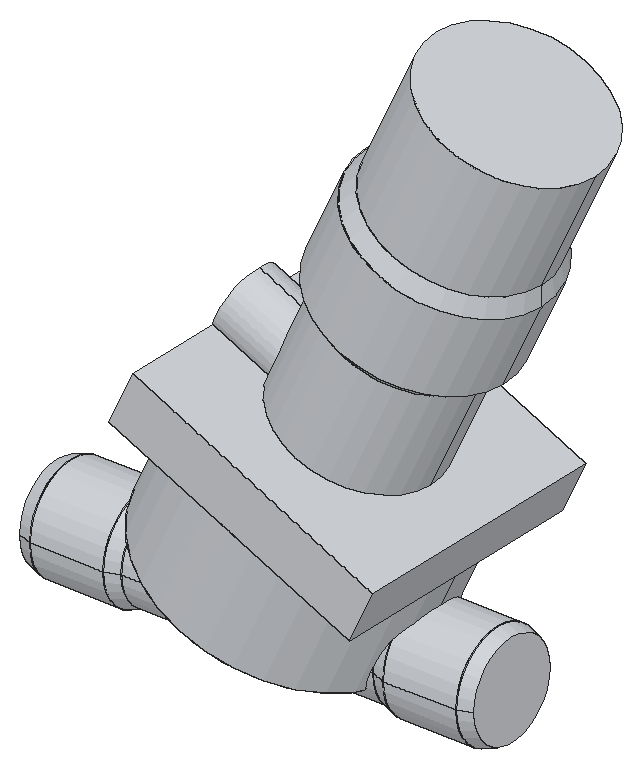
Revit family "OPTIMA_Compact_P_MM_DN15_5,0_RFA_2019", category Pipe Accessories, Revit 2019
Family settings
  Round Connector Dimension = Use Diameter
  Part Type = Valve - Breaks Into
  Work Plane-Based = No
  Always vertical = Yes
  Cut with Voids When Loaded = No
  Shared = No
Parameters (values of type "OPTIMA Compact P DN15 M-M 5.0mm")
  magiProductId = "de010cba6d924babace2e100200bd1"
  magiProductFamilyId = "5ce2593e541b4756b7958a6220b877"
  magiPartTypeId = 304
  isMeasuringValve [instance] = no
  ang2D [instance] = 0.00°
  Z6 = 5 mm
  Z5 = 88.5 mm
  Z4 = 18.303 mm
  Z3 = 13 mm
  Z2 = 8.022 mm
  Z1 = 16.845 mm
  X2 = 10.5 mm
  X1 = 14.5 mm
  W2D = 15 mm
  VersionID = "2.0/2019.5.23.1/FRESE_OPTIMA-P_201"
  VIS0 = no
  Use Minimum Symbol Size [instance] = no
  URL = "www.hydronic.cz"
  Type Comments = "vnější závit; PN25; 0~120°C, dpmax=800kPa; bez měřicích vsuvek"
  TLT2 = 32.5 mm
  TL = 65 mm
  R7 = 5 mm
  R5 = 13.794 mm
  R4 = 12.54 mm
  R3 = 11.4 mm
  R2__ve = -R2  # -19 mm
  R2 = 19 mm
  R1 = 6.75 mm
  QmdConnectorList = "301;D;302;D"
  Productdata [instance] = ""
  Manufacturer = "Hydronic Systems Prague s.r.o."
  MC Product Code = "53-4102  (1/2\" M-M; 5.0mm; Qmin~Qmax při dps=5kPa = 198~1032 l/h; Qmin~Qmax při dps=10kPa = 156~809 l/h; kvs=2,7)"
  MC Piping Given Pressure Drop [instance] = 0.0 Pa
  MC Enable LOD 350 = no
  MC Enable LOD 200 = no
  MC Constant Outlet Pressure [instance] = 0.0 Pa
  LLDONLY = not(BBVIS)  # yes
  LLDAndHLD = and(or(LLDONLY, MC Enable LOD 350), not(BBVIS))  # yes
  L4 = 13.435 mm
  L3 = 19 mm
  L2D_Min = 30.48 mm
  L2D = 36 mm
  L2 = 44.42 mm
  L = 36 mm
  HH = 80.215 mm
  H = 83 mm
  ENBL350 = and(MC Enable LOD 350, not(BBVIS))  # no
  Description = "Armatura pro regulaci průtoku, omezení průtoku a stabilizaci tlakové diference"
  DT2 = 7.5 mm
  D = 15 mm
  CAT = no
  BBVIS = MC Enable LOD 200  # no
Types (4, lengths in mm): name | magiProductId | Z5 | X2 | X1 | W2D | TLT2 | TL | R1 | MC Product Code | L2D | L | DT2 | D
  OPTIMA Compact P DN15 M-M 2.5mm | "e2c6e2867cb04e20b310fc655d8e25" | 88.5 | 10.5 | 14.5 | 15 | 32.5 | 65 | 6.75 | "53-4100  (1/2\" M-M; 2.5mm; Qmin~Qmax při dps=5kPa = 93~482 l/h; Qmin~Qmax při dps=10kPa = 73~378 l/h; kvs=1,3)" | 36 | 36 | 7.5 | 15
  OPTIMA Compact P DN15 M-M 5.0mm | "de010cba6d924babace2e100200bd1" | 88.5 | 10.5 | 14.5 | 15 | 32.5 | 65 | 6.75 | "53-4102  (1/2\" M-M; 5.0mm; Qmin~Qmax při dps=5kPa = 198~1032 l/h; Qmin~Qmax při dps=10kPa = 156~809 l/h; kvs=2,7)" | 36 | 36 | 7.5 | 15
  OPTIMA Compact P DN20 M-M 2.5mm | "9b3b796f370b421c8a31739fcad6d9" | 91 | 12.8 | 16.8 | 20 | 35 | 70 | 9 | "53-4103  (3/4\" M-M; 2.5mm; Qmin~Qmax při dps=5kPa = 93~482 l/h; Qmin~Qmax při dps=10kPa = 73~378 l/h; kvs=1,3)" | 36.4 | 36.4 | 10 | 20
  OPTIMA Compact P DN20 M-M 5.0mm | "2f6d325ab3f64974a2f7ca30c30193" | 91 | 12.8 | 16.8 | 20 | 35 | 70 | 9 | "53-4105  (3/4\" M-M; 5.0mm; Qmin~Qmax při dps=5kPa = 198~1032 l/h; Qmin~Qmax při dps=10kPa = 156~809 l/h; kvs=2,7)" | 36.4 | 36.4 | 10 | 20
Reference planes
  plane 1 "Center (Front/Back)": y = 0
  plane 2 "XYPLANE": z = 0
  plane 3 "Center (Left/Right)": x = 0
  plane 4 "100": y = -19
  plane 5 "99": y = 19
  plane 6 "98": x = 44.42
  plane 7 "94": through (-654.382, 0, 375.613) normal (0.4226, 0, 0.9063)
  plane 8 "92": through (-655.439, 0, 373.347) normal (0.4226, 0, 0.9063)
  plane 9 "86": z = -7.5
  plane 10 "76": through (305.901, 0, 683.957) normal (0.9063, 0, -0.4226)
  plane 11 "60": through (-660.933, 0, 361.565) normal (0.4226, 0, 0.9063)
  plane 12 "57": through (-661.99, 0, 359.299) normal (0.4226, 0, 0.9063)
  plane 13 "55": through (-669.109, 0, 344.032) normal (0.4226, 0, 0.9063)
  plane 14 "52": through (-668.263, 0, 345.845) normal (0.4226, 0, 0.9063)
  plane 15 "48": through (-672.499, 0, 336.762) normal (0.4226, 0, 0.9063)
  plane 16 "47": y = -19
  plane 17 "46": y = 19
  plane 18 "45": through (332.184, 0, 671.701) normal (0.9063, 0, -0.4226)
  plane 19 "44": through (297.744, 0, 687.761) normal (0.9063, 0, -0.4226)
  plane 20 "40": through (-682.576, 0, 315.151) normal (0.4226, 0, 0.9063)
  plane 21 "38": through (-679.618, 0, 321.495) normal (0.4226, 0, 0.9063)
  plane 22 "37": y = 0
  plane 23 "36": through (314.964, 0, 679.731) normal (0.9063, 0, -0.4226)
  plane 24 "32": x = 30.5
  plane 25 "31": x = 20
  plane 26 "30": x = 18
  plane 27 "19": x = -18
  plane 28 "18": x = -20
  plane 29 "12": x = -30.5
  plane 30 "6": x = 32.5
  plane 31 "5": x = -32.5
  plane 32 "3": z = 0
  plane 33 "2": y = 0
  plane 34 "33XY": through (-681.731, 0, 316.964) normal (0.4226, 0, 0.9063)
  plane 35 "33XZ": y = 0
  plane 36 "33YZ": through (314.964, 0, 679.731) normal (0.9063, 0, -0.4226)
Forms (mm)
  Extrusion 1, solid, visible <- "BBVIS"
    sketch origin (-750, 0, -7.5) x (1, 0, 0) y (0, 1, 0)
      loop
        line (717.5, 19) -> (717.5, -19) -> (794.42, -19) -> (794.42, 19) -> (717.5, 19)
    from 0 to 88.5 <- "Z5"
  Extrusion 2, solid, visible <- "LLDAndHLD"
    sketch origin (-654.382, 0, 375.613) x (0.906308, 0, -0.422618) y (0, 1, 0)
      loop
        circle (750, 0) r 12.54
    from 0 to 18.303 <- "Z4"
  Blend 3, solid, visible <- "LLDAndHLD"
    base sketch origin (-655.439, 0, 373.347) x (0.906308, 0, -0.422618) y (0, 1, 0)
      loop
        circle (750, 0) r 13.794
    top sketch origin (-655.439, 0, 373.347) x (0.906308, 0, -0.422618) y (0, 1, 0)
      loop
        circle (750, 0) r 12.54
    from 0 to 2.5
  Extrusion 4, solid, visible <- "LLDAndHLD"
    sketch origin (-660.933, 0, 361.565) x (0.906308, 0, -0.422618) y (0, 1, 0)
      loop
        circle (750, 0) r 13.794
    from 0 to 13 <- "Z3"
  Blend 5, solid, visible <- "LLDAndHLD"
    base sketch origin (-661.99, 0, 359.299) x (0.906308, 0, -0.422618) y (0, 1, 0)
      loop
        circle (750, 0) r 11.4
    top sketch origin (-661.99, 0, 359.299) x (0.906308, 0, -0.422618) y (0, 1, 0)
      loop
        circle (750, 0) r 12.54
    from 0 to 2.5
  Extrusion 6, solid, visible <- "LLDAndHLD"
    sketch origin (-669.109, 0, 344.032) x (0.906308, 0, -0.422618) y (0, 1, 0)
      loop
        circle (750, 0) r 11.4
    from 0 to 16.845 <- "Z1"
  Extrusion 7, solid, visible <- "LLDAndHLD"
    sketch origin (314.964, 0, 679.731) x (-0.422618, 0, -0.906308) y (0, 1, 0)
      loop
        circle (718.133, 0) r 5
    from 0 to -19 <- "R2__ve"
  Extrusion 8, solid, visible <- "LLDAndHLD"
    sketch origin (-672.499, 0, 336.762) x (0.906308, 0, -0.422618) y (0, 1, 0)
      loop
        line (731, 19) -> (731, -19) -> (769, -19) -> (769, 19) -> (731, 19)
    from 0 to 8.022 <- "Z2"
  Blend 9, solid, visible <- "LLDAndHLD"
    base sketch origin (-682.576, 0, 315.151) x (0.906308, 0, -0.422618) y (0, 1, 0)
      loop
        circle (740, 0) r 6.75
    top sketch origin (-682.576, 0, 315.151) x (0.906308, 0, -0.422618) y (0, 1, 0)
      loop
        circle (750, 0) r 19
    from 0 to 7
  Extrusion 10, solid, visible <- "LLDAndHLD"
    sketch origin (-679.618, 0, 321.495) x (0.906308, 0, -0.422618) y (0, 1, 0)
      loop
        circle (750, 0) r 19
    from 0 to 16.845 <- "Z1"
  Extrusion 11, solid, visible <- "LLDAndHLD"
    sketch origin (-18, -750, 0) x (0, 1, 0) y (0, 0, 1)
      loop
        circle (750, 0) r 6.75
    from 0 to 36 <- "L"
  Blend 12, solid, visible <- "LLDAndHLD"
    base sketch origin (18, -750, 0) x (0, 1, 0) y (0, 0, 1)
      loop
        circle (750, 0) r 6.75
    top sketch origin (18, -750, 0) x (0, 1, 0) y (0, 0, 1)
      loop
        circle (750, 0) r 7.5
    from 0 to 2
  Extrusion 13, solid, visible <- "LLDAndHLD"
    sketch origin (20, -750, 0) x (0, 1, 0) y (0, 0, 1)
      loop
        circle (750, 0) r 7.5
    from 0 to 10.5 <- "X2"
  Blend 14, solid, visible <- "LLDAndHLD"
    base sketch origin (32.5, -750, 0) x (0, 1, 0) y (0, 0, 1)
      loop
        circle (750, 0) r 6.75
    top sketch origin (32.5, -750, 0) x (0, 1, 0) y (0, 0, 1)
      loop
        circle (750, 0) r 7.5
    from 0 to -2
  Blend 15, solid, visible <- "LLDAndHLD"
    base sketch origin (-18, -750, 0) x (0, 1, 0) y (0, 0, 1)
      loop
        circle (750, 0) r 6.75
    top sketch origin (-18, -750, 0) x (0, 1, 0) y (0, 0, 1)
      loop
        circle (750, 0) r 7.5
    from 0 to -2
  Extrusion 16, solid, visible <- "LLDAndHLD"
    sketch origin (-30.5, -750, 0) x (0, 1, 0) y (0, 0, 1)
      loop
        circle (750, 0) r 7.5
    from 0 to 10.5 <- "X2"
  Blend 17, solid, visible <- "LLDAndHLD"
    base sketch origin (-32.5, -750, 0) x (0, 1, 0) y (0, 0, 1)
      loop
        circle (750, 0) r 6.75
    top sketch origin (-32.5, -750, 0) x (0, 1, 0) y (0, 0, 1)
      loop
        circle (750, 0) r 7.5
    from 0 to 2
  Extrusion 18, solid, not visible
    sketch origin (18, -750, 0) x (0, 1, 0) y (0, 0, 1)
      loop
        circle (750, 0) r 10
    from 0 to -10
  Extrusion 19, solid, not visible
    sketch origin (-18, -750, 0) x (0, 1, 0) y (0, 0, 1)
      loop
        circle (750, 0) r 10
    from 0 to 10
Lines and regions (mm)
  reference lines, not visible
    curve 1: circle (2, 2, 0) r 1 normal (0, 0, 1)
Dimensions and locks
  plane 1 "Center (Front/Back)" to curve 1 = 2 mm
  "R2": plane 1 "Center (Front/Back)" to plane 4 "100"
  "R2": plane 1 "Center (Front/Back)" to plane 5 "99"
  "L2": plane 3 "Center (Left/Right)" to plane 6 "98"
  locked: plane 8 "92" to plane 7 "94" at 2.5
  "Z3": plane 11 "60" to plane 8 "92"
  "DT2": plane 2 "XYPLANE" to plane 9 "86"
  locked: plane 36 "33YZ" to plane 10 "76" at 10
  locked: plane 12 "57" to plane 11 "60" at 2.5
  "Z1": plane 13 "55" to plane 12 "57"
  "Z2": plane 15 "48" to plane 13 "55"
  locked: plane 13 "55" to plane 14 "52" at 2
  "Z1": plane 21 "38" to plane 15 "48"
  "R2": plane 35 "33XZ" to plane 16 "47"
  "R2": plane 35 "33XZ" to plane 17 "46"
  "R2": plane 36 "33YZ" to plane 18 "45"
  "R2": plane 36 "33YZ" to plane 19 "44"
  locked: plane 34 "33XY" to plane 20 "40" at 2
  locked: plane 34 "33XY" to plane 21 "38" at 5
  locked: plane 35 "33XZ" to plane 22 "37"
  locked: plane 36 "33YZ" to plane 23 "36"
  "X2": plane 25 "31" to plane 24 "32"
  locked: plane 26 "30" to plane 25 "31" at 2
  "L": plane 27 "19" to plane 26 "30"
  locked: plane 28 "18" to plane 27 "19" at 2
  "X2": plane 29 "12" to plane 28 "18"
  locked: plane 31 "5" to plane 29 "12" at 2
  locked: plane 24 "32" to plane 30 "6" at 2
  "TLT2": plane 3 "Center (Left/Right)" to plane 31 "5"
  locked: plane 2 "XYPLANE" to plane 32 "3"
  locked: plane 1 "Center (Front/Back)" to plane 33 "2"
  Extrusion 1 sketch curve to Extrusion 1 sketch curve = 0 mm  (x8)
  Extrusion 8 sketch curve to Extrusion 8 sketch curve = 0 mm  (x8)
  "R4": radius of Extrusion 2 sketch curve
  "R4": radius of Blend 3 sketch curve
  "R5": radius of Blend 3 sketch curve
  "R5": radius of Extrusion 4 sketch curve
  "R4": radius of Blend 5 sketch curve
  "R3": radius of Blend 5 sketch curve
  "R3": radius of Extrusion 6 sketch curve
  "R7": radius of Extrusion 7 sketch curve
  "R2": radius of Blend 9 sketch curve
  "R1": radius of Blend 9 sketch curve
  "R2": radius of Extrusion 10 sketch curve
  "R1": radius of Extrusion 11 sketch curve
  "DT2": radius of Blend 12 sketch curve
  "R1": radius of Blend 12 sketch curve
  "DT2": radius of Extrusion 13 sketch curve
  "DT2": radius of Blend 14 sketch curve
  "R1": radius of Blend 14 sketch curve
  "DT2": radius of Blend 15 sketch curve
  "R1": radius of Blend 15 sketch curve
  "DT2": radius of Extrusion 16 sketch curve
  "DT2": radius of Blend 17 sketch curve
  "R1": radius of Blend 17 sketch curve
  aligned and locked: level to plane 2 "XYPLANE"
  aligned and locked: Extrusion 1 sketch curve to plane 31 "5"
  aligned and locked: plane 5 "99" to Extrusion 1 sketch curve  (x2)
  aligned and locked: plane 4 "100" to Extrusion 1 sketch curve  (x2)
  aligned and locked: plane 31 "5" to Extrusion 1 sketch curve
  aligned and locked: plane 6 "98" to Extrusion 1 sketch curve  (x2)
  aligned and locked: plane 22 "37" to Extrusion 2 sketch curve
  aligned and locked: Extrusion 2 sketch curve to plane 23 "36"
  aligned and locked: plane 22 "37" to Blend 3 sketch curve  (x2)
  aligned and locked: Blend 3 sketch curve to plane 23 "36"  (x2)
  aligned and locked: plane 7 "94" to Blend 3
  aligned and locked: plane 22 "37" to Extrusion 4 sketch curve
  aligned and locked: Extrusion 4 sketch curve to plane 23 "36"
  aligned and locked: plane 22 "37" to Blend 5 sketch curve  (x2)
  aligned and locked: Blend 5 sketch curve to plane 23 "36"  (x2)
  aligned and locked: plane 11 "60" to Blend 5
  aligned and locked: plane 22 "37" to Extrusion 6 sketch curve
  aligned and locked: Extrusion 6 sketch curve to plane 23 "36"
  aligned and locked: plane 14 "52" to Extrusion 7 sketch curve
  aligned and locked: plane 22 "37" to Extrusion 7 sketch curve
  aligned and locked: Extrusion 8 sketch curve to plane 19 "44"  (x2)
  aligned and locked: plane 17 "46" to Extrusion 8 sketch curve  (x2)
  aligned and locked: Extrusion 8 sketch curve to plane 16 "47"
  aligned and locked: Extrusion 8 sketch curve to plane 18 "45"
  aligned and locked: plane 16 "47" to Extrusion 8 sketch curve
  aligned and locked: plane 18 "45" to Extrusion 8 sketch curve
  aligned and locked: plane 22 "37" to Blend 9 sketch curve  (x2)
  aligned and locked: Blend 9 sketch curve to plane 23 "36"
  aligned and locked: Blend 9 sketch curve to plane 10 "76"
  aligned and locked: plane 21 "38" to Blend 9
  aligned and locked: plane 22 "37" to Extrusion 10 sketch curve
  aligned and locked: Extrusion 10 sketch curve to plane 23 "36"
  aligned and locked: plane 32 "3" to Extrusion 11 sketch curve
  aligned and locked: Extrusion 11 sketch curve to plane 33 "2"
  aligned and locked: plane 32 "3" to Blend 12 sketch curve  (x2)
  aligned and locked: Blend 12 sketch curve to plane 33 "2"  (x2)
  aligned and locked: plane 25 "31" to Blend 12
  aligned and locked: plane 32 "3" to Extrusion 13 sketch curve
  aligned and locked: Extrusion 13 sketch curve to plane 33 "2"
  aligned and locked: plane 32 "3" to Blend 14 sketch curve  (x2)
  aligned and locked: Blend 14 sketch curve to plane 33 "2"  (x2)
  aligned and locked: Blend 14 to plane 24 "32"
  aligned and locked: plane 32 "3" to Blend 15 sketch curve  (x2)
  aligned and locked: Blend 15 sketch curve to plane 33 "2"  (x2)
  aligned and locked: Blend 15 to plane 28 "18"
  aligned and locked: plane 32 "3" to Extrusion 16 sketch curve
  aligned and locked: Extrusion 16 sketch curve to plane 33 "2"
  aligned and locked: plane 32 "3" to Blend 17 sketch curve  (x2)
  aligned and locked: Blend 17 sketch curve to plane 33 "2"  (x2)
  aligned and locked: plane 29 "12" to Blend 17
  aligned and locked: plane 32 "3" to Extrusion 18 sketch curve
  aligned and locked: Extrusion 18 sketch curve to plane 33 "2"
  aligned and locked: plane 32 "3" to Extrusion 19 sketch curve
  aligned and locked: Extrusion 19 sketch curve to plane 33 "2"
Automatic sketch dimensions
  plane 4 "100" to Extrusion 18 sketch curve = 9 mm
  plane 4 "100" to Extrusion 19 sketch curve = 9 mm
  plane 3 "Center (Left/Right)" to curve 1 = 2 mm
  radius of curve 1 = 1 mm
Nested families
  nested 1: "1_RadialArray" at (10.622, 0, 27.068) x (0.6409, 0.7071, -0.2988) z (0.4226, 0, 0.9063), L1 <- "L3", type "Family2"
    with StartAngle 0.00°, NumberOfObjects 4, ModelLinesVisible no, L1 19 mm, H 5 mm, DN 10 mm, ArcAngle 360.00°
Connectors
  piping at (-18, 0, 0), diameter 15, driven by "D"
    settings: on Extrusion 19, index 1, connector inside diameter 609.6 mm, connector length 0 mm, flow factor 0, pipe flow 0.0 L/s, pressure drop 0.0 Pa, fitting loss kfactor 0, connector angle 0.00°, fixture units 0, engagement length 0 mm, angle of deflection 0.00°, flow configuration 0, flow direction 0, fitting loss method 0, system type 29, joint type 0, gender type 0, connector reference index 2, connector utility 0, adjustable connector no, is connector primary yes, connector description ""
  piping at (18, 0, 0), diameter 15, driven by "D"
    settings: on Extrusion 18, index 2, connector inside diameter 609.6 mm, connector length 0 mm, flow factor 0, pipe flow 0.0 L/s, pressure drop 0.0 Pa, fitting loss kfactor 0, connector angle 0.00°, fixture units 0, engagement length 0 mm, angle of deflection 0.00°, flow configuration 0, flow direction 0, fitting loss method 0, system type 29, joint type 0, gender type 0, connector reference index 1, connector utility 0, adjustable connector no, is connector primary no, connector description ""
